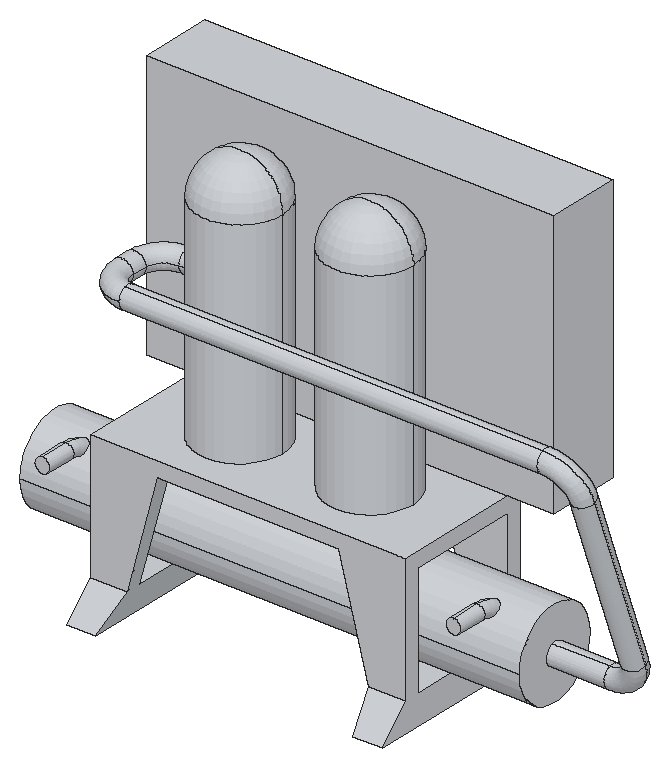
Revit family "699b04eec0274f4f9dae99e9c3874719", category Mechanical Equipment, Revit 2021
Family settings
  Round Connector Dimension = Use Radius
  Part Type = Normal
  OmniClass Number = 23.75.10.24.21.21
  OmniClass Title = Packaged Water Chillers
  Seek Item ID = Scroll Chiller - Condenserless - 20-30 Tons-0000-USA-ENU
  Work Plane-Based = No
  Always vertical = Yes
  Cut with Voids When Loaded = No
  Shared = No
  Room Calculation Point = No
Parameters (values of type "20 Tons")
  Width 2 = Width 1 - 0' 4"  # 2' - 3 3/8"
  Width 1 = 2' - 7 3/8"
  Load Classification = Cooling
  Default Elevation = 0' - 0"
  Condenserless Scroll Chiller Material = none
  Voltage = 460 V
  Number of Poles = 3
  Height = 0' - 7 1/8"
  Distance 1 = 4' - 8"
  Cooling Capacity [instance] = 51864.6 Btu/h
  Chilled Water Pressure Drop [instance] = 14.214 psi
  Chilled Water Supply Radius = Chilled Water Supply Diameter / 2  # 1"
  Chilled Water Supply Diameter = 2"
  Chilled Water Return Radius = Chilled Water Return Diameter / 2  # 1"
  Chilled Water Return Diameter = 2"
  Chilled Water Flow [instance] = 72 GPM
  C1 Offset 1 = 1' - 3 3/8"
  Apparent Load = 20700 VA
Types (4): name | Width 2 | Width 1 | Height | Distance 1 | Cooling Capacity | Chilled Water Pressure Drop | Chilled Water Supply Radius | Chilled Water Supply Diameter | Chilled Water Return Radius | Chilled Water Return Diameter | Chilled Water Flow | C1 Offset 1 | Apparent Load
  (no name) | 2' - 3 3/8" | 2' - 7 3/8" | 0' - 7 1/8" | 4' - 8" | 51864.6 Btu/h | 14.214 psi | 1" | 2" | 1" | 2" | 72 GPM | 1' - 3 3/8" | 20700 VA
  20 Tons | 2' - 3 3/8" | 2' - 7 3/8" | 0' - 7 1/8" | 4' - 8" | 51864.6 Btu/h | 14.214 psi | 1" | 2" | 1" | 2" | 72 GPM | 1' - 3 3/8" | 20700 VA
  25 Tons | 2' - 3 3/8" | 2' - 7 3/8" | 0' - 7 1/8" | 4' - 8" | 64830.7 Btu/h | 13.053 psi | 1" | 2" | 1" | 2" | 90 GPM | 1' - 3 3/8" | 27600 VA
  30 Tons | 2' - 4 3/16" | 2' - 8 3/16" | 0' - 10" | 4' - 6 1/2" | 77796.8 Btu/h | 15.664 psi | 1 1/4" | 2 1/2" | 1 1/4" | 2 1/2" | 108 GPM | 1' - 5 3/8" | 32200 VA
Reference planes
  plane 1 "Center (Front/Back)": y = 0
  plane 2: z = 0
  plane 3 "Center (Left/Right)": x = 0
  plane 4: x = 1092.2
  plane 5: y = 796.925
  plane 6: y = 695.325
  plane 7: y = 593.725
  plane 8: y = 542.925
  plane 9: y = 101.6
  plane 10: y = 152.4
  plane 11: y = 288.925
  plane 12: x = -884.237
  plane 13: z = 542.925
  plane 14: z = 101.6
  plane 15: z = 492.125
  plane 16: x = 1976.438
  plane 17: x = -1011.237
  plane 18: x = 2103.438
  plane 19: x = 546.1
  plane 20: x = -317.5
  plane 21: x = 1409.7
  plane 22: z = 254
  plane 23: y = 347.662
  plane 24: x = 101.6
  plane 25: x = 990.6
  plane 26 "3": x = -165.1
  plane 27 "4": x = 1257.3
  plane 28: z = 1431.925
  plane 29: z = 1282.7
  plane 30: x = 320.675
  plane 31: x = 771.525
  plane 32: x = 469.9
  plane 33: z = 1466.85
  plane 34: x = 1250.95
  plane 35: x = -158.75
  plane 36: y = 58.737
  plane 37 "2": z = 1047.75
  plane 38 "1": through (0, 347.662, 254) normal (0, -0.9397, -0.342)
  plane 39: x = 2179.638
  plane 40: z = 390.525
  plane 41: y = 203.2
  plane 42: x = 1308.1
  plane 43: z = 50.8
Forms (mm)
  Extrusion 1, solid, material <- "Condenserless Scroll Chiller Material"
    sketch origin (0, 0, 0) x (0, 1, 0) y (0, 0, 1)
      loop
        line (0, 542.925) -> (0, 0) -> (695.325, 0) -> (695.325, 542.925) -> (0, 542.925)
    from 0 to 1092.2
  Extrusion 2, void
    sketch origin (0, 0, 0) x (0, 1, 0) y (0, 0, 1)
      loop
        line (0, 542.925) -> (0, 0) -> (101.6, 101.6) -> (101.6, 542.925) -> (0, 542.925)
    from 0 to 1092.2
  Extrusion 3, void
    sketch origin (0, 0, 0) x (0, 1, 0) y (0, 0, 1)
      loop
        line (695.325, 542.925) -> (593.725, 542.925) -> (593.725, 101.6) -> (695.325, 0) -> (695.325, 542.925)
    from 0 to 1092.2
  Extrusion 4, void
    sketch origin (0, 0, 0) x (0, 1, 0) y (0, 0, 1)
      loop
        line (542.925, 492.125) -> (152.4, 492.125) -> (152.4, 101.6) -> (542.925, 101.6) -> (542.925, 492.125)
    from 0 to 1092.2
  Extrusion 5, solid, material <- "Condenserless Scroll Chiller Material"
    sketch origin (0, 0, 0) x (0, 1, 0) y (0, 0, 1)
      loop
        circle (347.662, 254) r 152.4
    from -317.5 to 1409.7
  Extrusion 6, void
    sketch origin (0, 0, 0) x (1, 0, 0) y (0, 0, 1)
      loop
        line (101.6, 0) -> (990.6, 0) -> (858.736, 492.125) -> (233.464, 492.125) -> (101.6, 0)
    from 0 to -695.325
  Revolve 7, solid, material <- "Condenserless Scroll Chiller Material"
    sketch origin (0, 347.662, 0) x (1, 0, 0) y (0, 0, -1)
      loop
        line (469.9, -542.925) -> (320.675, -542.925) -> (320.675, -1431.925)
        arc (320.675, -1431.925) -> (426.193, -1388.218) -> (469.9, -1282.7) r 149.225
        line (469.9, -1282.7) -> (469.9, -542.925)
      axis (320.675, -1431.925) -> (320.675, -542.925)
    angle from 0 to 360
  Revolve 8, solid, material <- "Condenserless Scroll Chiller Material"
    sketch origin (1092.2, 347.662, 0) x (-1, 0, 0) y (0, 0, 1)
      loop
        line (469.9, 542.925) -> (469.9, 1282.7)
        arc (469.9, 1282.7) -> (426.193, 1388.218) -> (320.675, 1431.925) r 149.225
        line (320.675, 1431.925) -> (320.675, 542.925) -> (469.9, 542.925)
      axis (320.675, 1431.925) -> (320.675, 542.925)
    angle from 0 to 360
  Extrusion 9, solid, material <- "Condenserless Scroll Chiller Material"
    sketch origin (0, 0, 0) x (1, 0, 0) y (0, 0, 1)
      loop
        line (-158.75, 1466.85) -> (-158.75, 542.925) -> (1250.95, 542.925) -> (1250.95, 1466.85) -> (-158.75, 1466.85)
    from -542.925 to -796.925
  Sweep 10, solid, material <- "Condenserless Scroll Chiller Material"
    path in 3D
      loop
        arc (164.761, 58.876, 1047.75) -> (92.919, 88.634, 1047.75) -> (63.161, 160.476, 1047.75) r 101.6
        line (63.161, 160.476, 1047.75) -> (63.161, 215.762, 1047.75)
        arc (63.161, 215.762, 1047.75) -> (92.919, 287.604, 1047.75) -> (164.761, 317.362, 1047.75) r 101.6
        line (164.761, 317.362, 1047.75) -> (202.861, 317.362, 1047.75)
    profile origin (63.161, 188.119, 1047.75) x (-1, 0, 0) y (0, 0, 1)
      loop
        circle (0, 0) r 38.1
  Sweep 11, solid, material <- "Condenserless Scroll Chiller Material"
    path in 3D
      loop
        line (1409.7, 347.662, 254) -> (1610.625, 347.662, 254)
        arc (1610.625, 347.662, 254) -> (1682.467, 337.484, 281.963) -> (1712.225, 312.911, 349.472) r 101.6
        line (1712.225, 312.911, 349.472) -> (1712.225, 93.719, 951.648)
        arc (1712.225, 93.719, 951.648) -> (1682.467, 69.145, 1019.157) -> (1610.625, 58.967, 1047.12) r 101.6
        line (1610.625, 58.967, 1047.12) -> (164.761, 58.967, 1047.12)
    profile origin (887.693, 58.967, 1047.12) x (0, 0.342045, -0.939684) y (0, -0.939684, -0.342045)
      loop
        circle (-0.623, -0.13) r 38.1
  Sweep 12, solid, material <- "Condenserless Scroll Chiller Material"
    path in 3D
      loop
        line (-165.1, 101.6, 390.525) -> (-165.1, 203.2, 390.525)
        arc (-165.1, 203.2, 390.525) -> (-165.1, 302.584, 350.994) -> (-165.1, 347.662, 254) r 144.693
    profile origin (-165.1, 152.4, 390.525) x (0, 0, 1) y (1, 0, 0)
      loop
        circle (0, 0) r 25.4
  Sweep 13, solid, material <- "Condenserless Scroll Chiller Material"
    path in 3D
      loop
        line (-165.1, 101.6, 390.525) -> (-165.1, 203.2, 390.525)
        arc (-165.1, 203.2, 390.525) -> (-165.1, 302.584, 350.994) -> (-165.1, 347.662, 254) r 144.693
    profile origin (-165.1, 152.4, 390.525) x (0, 0, 1) y (1, 0, 0)
      loop
        circle (0, 1422.4) r 25.4
Cuts and joins
  Extrusion 2, Extrusion 3, Extrusion 4, Extrusion 6 cuts Extrusion 1
  joined: Extrusion 1, Extrusion 5, Revolve 7, Revolve 8, Extrusion 9, Sweep 10, Sweep 11, Sweep 12, Sweep 13
Lines and regions (mm)
  reference lines
    curve 1: line (1409.7, 347.662, 254) -> (1610.625, 347.662, 254)
    curve 2: arc (1610.625, 347.662, 254) -> (1682.467, 337.484, 281.963) -> (1712.225, 312.911, 349.472) r 101.6
    curve 3: line (1712.225, 312.911, 349.472) -> (1712.225, 93.719, 951.648)
    curve 4: arc (1712.225, 93.719, 951.648) -> (1682.467, 69.145, 1019.157) -> (1610.625, 58.967, 1047.12) r 101.6
    curve 5: line (1610.625, 58.967, 1047.12) -> (164.761, 58.967, 1047.12)
    curve 9: line (164.761, 317.362, 1047.75) -> (202.861, 317.362, 1047.75)
    curve 19: line (-165.1, 101.6, 390.525) -> (-165.1, 203.2, 390.525)
    curve 20: arc (-165.1, 203.2, 390.525) -> (-165.1, 302.584, 350.994) -> (-165.1, 347.662, 254) r 144.693
    curve 21: line (1257.3, 101.6, 390.525) -> (1257.3, 203.2, 390.525)
    curve 24: arc (1257.3, 203.2, 390.525) -> (1257.3, 302.584, 350.994) -> (1257.3, 347.662, 254) r 144.693
  model lines
    curve 6: line (63.161, 160.476, 1047.75) -> (63.161, 215.762, 1047.75)
    curve 7: arc (63.161, 215.762, 1047.75) -> (92.919, 287.604, 1047.75) -> (164.761, 317.362, 1047.75) r 101.6
    curve 8: arc (63.161, 160.476, 1047.75) -> (92.919, 88.634, 1047.75) -> (164.761, 58.876, 1047.75) r 101.6
  sketch lines
    curve 10: line (63.161, 160.476, 1047.75) -> (63.161, 215.762, 1047.75)
    curve 11: arc (63.161, 215.762, 1047.75) -> (92.919, 287.604, 1047.75) -> (164.761, 317.362, 1047.75) r 101.6
    curve 12: line (164.761, 317.362, 1047.75) -> (202.861, 317.362, 1047.75)
    curve 13: arc (63.161, 160.476, 1047.75) -> (92.919, 88.634, 1047.75) -> (164.761, 58.876, 1047.75) r 101.6
    curve 14: line (1610.625, 58.967, 1047.12) -> (164.761, 58.967, 1047.12)
    curve 15: arc (1712.225, 93.719, 951.648) -> (1682.467, 69.145, 1019.157) -> (1610.625, 58.967, 1047.12) r 101.6
    curve 16: line (1712.225, 312.911, 349.472) -> (1712.225, 93.719, 951.648)
    curve 17: arc (1610.625, 347.662, 254) -> (1682.467, 337.484, 281.963) -> (1712.225, 312.911, 349.472) r 101.6
    curve 18: line (1409.7, 347.662, 254) -> (1610.625, 347.662, 254)
    curve 22: line (-165.1, 101.6, 390.525) -> (-165.1, 203.2, 390.525)
    curve 23: arc (-165.1, 203.2, 390.525) -> (-165.1, 302.584, 350.994) -> (-165.1, 347.662, 254) r 144.693
    curve 25: line (-165.1, 101.6, 390.525) -> (-165.1, 203.2, 390.525)
    curve 26: arc (-165.1, 203.2, 390.525) -> (-165.1, 302.584, 350.994) -> (-165.1, 347.662, 254) r 144.693
Dimensions and locks
  plane 3 "Center (Left/Right)" to plane 4 = 3' - 7"
  plane 5 to plane 1 "Center (Front/Back)" = 2' - 7 3/8"
  locked: plane 5 to plane 6 at 101.6
  locked: plane 6 to plane 7 at 101.6
  locked: plane 7 to plane 8 at 50.8
  locked: plane 9 to plane 1 "Center (Front/Back)" at 101.6
  locked: plane 10 to plane 9 at 50.8
  plane 11 to plane 1 "Center (Front/Back)" = 0' - 11 3/8"
  plane 12 to plane 3 "Center (Left/Right)" = 2' - 10 13/16"
  plane 1 "Center (Front/Back)" to plane 6 = 2' - 3 3/8"
  plane 1 "Center (Front/Back)" to plane 9 = 0' - 4"
  plane 7 to plane 6 = 0' - 4"
  plane 13 to plane 2 = 1' - 9 3/8"
  plane 14 to plane 2 = 0' - 4"
  locked: plane 13 to plane 15 at 50.8
  plane 3 "Center (Left/Right)" to plane 12 = 2' - 10 13/16"
  plane 3 "Center (Left/Right)" to plane 17 = 3' - 3 13/16"
  plane 16 to plane 3 "Center (Left/Right)" = 6' - 5 13/16"
  equal spacing: plane 4, plane 19, plane 3 "Center (Left/Right)"
  plane 19 to plane 20 = 2' - 10"
  locked: plane 22 to plane 14 at 152.4
  plane 23 to plane 1 "Center (Front/Back)" = 1' - 1 11/16"
  locked: plane 24 to plane 3 "Center (Left/Right)" at 101.6
  locked: plane 4 to plane 25 at 101.6
  plane 28 to plane 13 = 2' - 11"
  locked: plane 28 to plane 29 at 149.225
  plane 19 to plane 30 = 0' - 8 7/8"
  plane 19 to plane 31 = 0' - 8 7/8"
  plane 33 to plane 13 = 3' - 0 3/8"
  plane 34 to plane 19 = 2' - 3 3/4"
  plane 35 to plane 19 = 2' - 3 3/4"
  plane 37 "2" to plane 2 = 3' - 5 1/4"
  plane 39 to plane 18 = 0' - 3"
  "C1 Offset 1": plane 40 to plane 2
  plane 41 to plane 9 = 0' - 4"
  equal spacing: plane 27 "4", plane 19, plane 26 "3"
  "Distance 1": plane 27 "4" to plane 26 "3"
  locked: plane 21 to plane 42 at 101.6
  "Chilled Water Return Radius": radius of Sweep 12 sketch curve
  "Chilled Water Supply Radius": radius of Sweep 13 sketch curve
  aligned and locked: plane 1 "Center (Front/Back)" to Extrusion 1 sketch curve
  aligned and locked: Extrusion 1 sketch curve to plane 13
  aligned and locked: level to Extrusion 1 sketch curve
  aligned and locked: plane 4 to Extrusion 1
  aligned and locked: Extrusion 1 to plane 3 "Center (Left/Right)"
  aligned and locked: Extrusion 1 to Extrusion 2
  aligned and locked: Extrusion 1 to Extrusion 3
  aligned and locked: plane 7 to Extrusion 3
  aligned and locked: Extrusion 3 to plane 6
  aligned and locked: plane 2 to Extrusion 3 sketch curve
  aligned and locked: plane 14 to Extrusion 3 sketch curve
  aligned and locked: plane 7 to Extrusion 3 sketch curve
  aligned and locked: plane 6 to Extrusion 3 sketch curve
  aligned and locked: Extrusion 1 to plane 6
  aligned and locked: plane 8 to Extrusion 4 sketch curve
  aligned and locked: plane 15 to Extrusion 4 sketch curve
  aligned and locked: plane 14 to Extrusion 4 sketch curve
  aligned and locked: plane 10 to Extrusion 4 sketch curve
  aligned and locked: plane 4 to Extrusion 4
  aligned and locked: Extrusion 4 to plane 3 "Center (Left/Right)"
  aligned and locked: plane 23 to Extrusion 5 sketch curve
  aligned and locked: plane 22 to Extrusion 5 sketch curve
  aligned and locked: Extrusion 5 to plane 20
  aligned and locked: Extrusion 5 to plane 21
  aligned and locked: Extrusion 6 sketch curve to plane 15
  aligned and locked: Extrusion 6 to plane 6
  aligned and locked: plane 1 "Center (Front/Back)" to Extrusion 6
  aligned and locked: Revolve 7 sketch curve to Revolve 7 sketch curve
  aligned and locked: Revolve 8 sketch curve to Revolve 8 sketch curve
  aligned and locked: plane 35 to Extrusion 9 sketch curve
  aligned and locked: Extrusion 9 sketch curve to plane 33
  aligned and locked: plane 13 to Extrusion 9 sketch curve
  aligned and locked: Extrusion 9 sketch curve to plane 34
  aligned and locked: Extrusion 9 to plane 5
  aligned and locked: plane 8 to Extrusion 9
  aligned and locked: plane 37 "2" to Sweep 10 sketch curve
  aligned and locked: plane 22 to curve 20
  aligned and locked: plane 35 to Extrusion 9
  aligned and locked: plane 40 to Sweep 12 sketch curve
  aligned and locked: Sweep 12 sketch curve to curve 20
  aligned and locked: plane 23 to curve 1
  aligned and locked: plane 22 to curve 1
  aligned and locked: plane 22 to curve 24
  aligned and locked: plane 23 to curve 20
Automatic sketch dimensions
  Extrusion 3 sketch curve to plane 13 = 0' - 0"
  Extrusion 6 sketch curve to level = 0' - 0"
  Extrusion 6 sketch curve to plane 24 = 0' - 0"
  Extrusion 6 sketch curve to plane 25 = 0' - 0"
  Extrusion 6 sketch curve to plane 30 = 0' - 3.43348"
  Extrusion 6 sketch curve to plane 31 = 0' - 3.43348"
  Revolve 7 sketch curve to plane 13 = 0' - 0"  (x2)
  Revolve 7 sketch curve to plane 30 = 0' - 0"
  Revolve 7 sketch curve to plane 29 = 0' - 0"
  Revolve 7 sketch curve to plane 32 = 0' - 0"
  Revolve 7 sketch curve to plane 28 = 0' - 0"
  Revolve 8 sketch curve to plane 13 = 0' - 0"  (x2)
  Revolve 8 sketch curve to plane 31 = 0' - 0"
  Revolve 8 sketch curve to plane 29 = 0' - 0"
  Revolve 8 sketch curve to plane 28 = 0' - 0"  (x2)
  curve 1 to plane 21 = 0' - 0"
  curve 5 to plane 21 = 0' - 7.91044"
  curve 4 to curve 4 = 0' - 4"
  curve 3 to curve 2 = 2' - 1.22947"
  curve 2 to curve 1 = 0' - 4"
  plane 24 to curve 5 = 0' - 2.48666"
  curve 9 to plane 11 = 0' - 1.11956"
  plane 24 to curve 9 = 0' - 2.48666"
  curve 9 to curve 9 = 0' - 1 1/2"
  Sweep 10 sketch curve to profile plane = 0' - 0"
  Sweep 11 sketch curve to profile plane = 0' - 0.00511"
  profile plane to Sweep 11 sketch curve = 0' - 0.02454"
  curve 20 to plane 40 = 0' - 0"
  curve 19 to plane 41 = 0' - 0"
  curve 19 to plane 9 = 0' - 0"
  Extrusion 1 sketch curve to plane 6 = 0' - 0"
  Extrusion 2 sketch curve to plane 1 "Center (Front/Back)" = 0' - 0"
  Extrusion 2 sketch curve to plane 9 = 0' - 0"
  Extrusion 2 sketch curve to level = 0' - 0"
  Extrusion 2 sketch curve to plane 14 = 0' - 0"
  Extrusion 2 sketch curve to plane 13 = 0' - 0"
  curve 21 to plane 40 = 0' - 0"
  curve 24 to plane 23 = 0' - 0"
  curve 21 to plane 41 = 0' - 0"
  curve 21 to plane 9 = 0' - 0"
  Sweep 13 sketch curve to profile plane = 0' - 0"
  profile plane to Sweep 13 sketch curve = 4' - 8"
  curve 7 to plane 11 = 0' - 1.11956"
  plane 41 to curve 7 = 0' - 0.49456"
  curve 8 to plane 10 = 0' - 0.31794"
  plane 36 to curve 8 = 0' - 0.00544"
  curve 6 to plane 24 = 0' - 1.51334"
  radius of Extrusion 5 sketch curve = 0' - 6"
  radius of Sweep 10 sketch curve = 0' - 1 1/2"
  radius of Sweep 11 sketch curve = 0' - 1 1/2"
Connectors
  piping at (-165.1, 101.6, 390.525), diameter 50.8, driven by "Chilled Water Return Radius", driven by "Chilled Water Flow"
    settings: on Sweep 12, index 1, connector inside diameter 2", connector length 0' - 0", flow factor 0, pipe flow 72 GPM, pressure drop 0.00 psi, fitting loss kfactor 0, connector angle 0.00°, fixture units 0, engagement length 0' - 0", angle of deflection 0.00°, flow configuration 0, flow direction 1, fitting loss method 4, system type 8, joint type 0, gender type 0, connector reference index 2, connector utility 0, adjustable connector no, is connector primary yes, connector description "Chilled Water In"
  piping at (1257.3, 101.6, 390.525), diameter 50.8, driven by "Chilled Water Supply Radius", driven by "Chilled Water Pressure Drop", driven by "Chilled Water Flow"
    settings: on cut or joined group 1 (Extrusion 1, Extrusion 2, Extrusion 3, Extrusion 4, Extrusion 5, Extrusion 6, Revolve 7, Revolve 8, Extrusion 9, Sweep 10, Sweep 11, Sweep 12, Sweep 13), index 2, connector inside diameter 2", connector length 0' - 0", flow factor 0, pipe flow 72 GPM, pressure drop 14.214 psi, fitting loss kfactor 0, connector angle 0.00°, fixture units 0, engagement length 0' - 0", angle of deflection 0.00°, flow configuration 0, flow direction 2, fitting loss method 4, system type 7, joint type 0, gender type 0, connector reference index 1, connector utility 0, adjustable connector no, is connector primary no, connector description "Chilled Water Out"
  electrical at (546.1, 796.925, 1004.888), driven by "Apparent Load", driven by "Voltage", driven by "Number of Poles", driven by "Load Classification"
    settings: on cut or joined group 1, index 3, voltage 460 V, apparent load 20700 VA, apparent load phase1 0 VA, apparent load phase2 0 VA, apparent load phase3 0 VA, power factor 0.8, load classification "Cooling", number of poles 3, system type 30, power factor state 1, is connector primary yes, connector utility no, sub classification motor no, connector description ""
